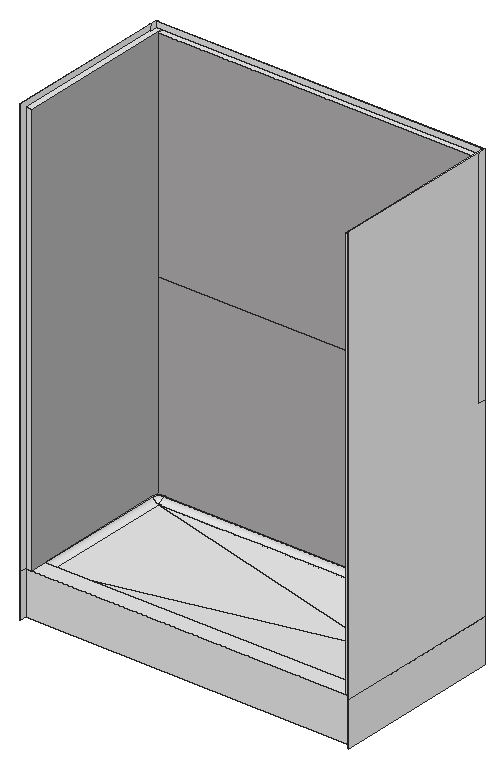
Revit family "5LBS6030FBAFR", category Plumbing Fixtures, Revit 2017
Family settings
  Round Connector Dimension = Use Diameter
  Part Type = Normal
  OmniClass Number = 23.45.05.14.17
  OmniClass Title = Showers
  Work Plane-Based = No
  Always vertical = Yes
  Cut with Voids When Loaded = No
  Shared = No
  Room Calculation Point = No
Parameters (values of type "5LBS6030FBAFR")
  Unit Width = 60"
  Unit Height = 84 1/2"
  URL = "http://www.bestbath.com/"
  Type Comments = "Remodeler"
  Model = "5LBS6030FBAFR"
  Material [instance] = Best Bath Gelcoat Fiberglass - 4 x 8 Subway Tile
  Manufacturer = "Best Bath Systems, Inc."
  Keynote = "22 40 00.B3"
  Description = "4 x 8 Subway Tile Finish"
  Assembly Code = "D2010710"
Reference planes (in)
  plane 1 "Back": y = -0.5
  plane 2: z = 0
  plane 3 "Left": x = 0
  plane 4: x = 60
  plane 5: y = -30.5
  plane 6: z = 83.5
  plane 7: z = 6.25
  plane 8: z = 84.5
  plane 9: x = 51.5
  plane 10: y = -1.75
  plane 11: y = -14.5
  plane 12: z = 6
  plane 13: z = 8
  plane 14: z = 43.5
  plane 15: y = -31.5
  plane 16: z = 7
Forms (in)
  Extrusion 1, solid, material "Best Bath Gelcoat Fiberglass - Smooth"
    sketch origin (0, 0, 0) x (1, 0, 0) y (0, 1, 0)
      loop
        line (0, -0.5) -> (0, -30.5) -> (60, -30.5) -> (60, -0.5) -> (0, -0.5)
      loop
        circle (51.5, -14.5) r 1.5
    from 7 to 0
  Extrusion 2, solid, material "Best Bath Gelcoat Fiberglass - Smooth"
    sketch origin (0, 0, 0) x (1, 0, 0) y (0, 1, 0)
      loop
        line (1.25, -0.5) -> (1.25, -1.75) -> (58.75, -1.75) -> (58.75, -0.5) -> (1.25, -0.5)
    from 8 to 43.5
  Extrusion 3, solid, material "Best Bath Gelcoat Fiberglass - Smooth"
    sketch origin (0, 0, 0) x (1, 0, 0) y (0, 1, 0)
      loop
        line (0, -30.5) -> (1.25, -30.5) -> (1.25, -2.75)
        arc (1.25, -2.75) -> (1.54289, -2.04289) -> (2.25, -1.75) r 1
        line (2.25, -1.75) -> (57.75, -1.75)
        arc (57.75, -1.75) -> (58.45711, -2.04289) -> (58.75, -2.75) r 1
        line (58.75, -2.75) -> (58.75, -30.5) -> (60, -30.5) -> (60, -0.5) -> (0, -0.5) -> (0, -30.5)
    from 0 to 8
  Extrusion 4, solid, material "Best Bath Gelcoat Fiberglass - Smooth"
    sketch origin (0, 0, 0) x (1, 0, 0) y (0, 1, 0)
      loop
        line (0, -30.5) -> (1.25, -30.5) -> (1.25, -0.5) -> (0, -0.5) -> (0, -30.5)
      loop
        line (58.75, -30.5) -> (60, -30.5) -> (60, -0.5) -> (58.75, -0.5) -> (58.75, -30.5)
    from 8 to 83.5
  Blend 5, void
    base sketch origin (0, 0, 0) x (1, 0, 0) y (0, 1, 0)
      loop
        line (2.25, -27.5) -> (57.75, -27.5) -> (57.75, -2.75) -> (2.25, -2.75) -> (2.25, -27.5)
    top sketch origin (0, 0, 0) x (1, 0, 0) y (0, 1, 0)
      loop
        circle (51.5, -14.5) r 0.07155
    from 7 to 6
  Extrusion 6, solid, material "Best Bath Gelcoat Fiberglass - Smooth"
    sketch origin (0, 0, 0) x (1, 0, 0) y (0, 1, 0)
      loop
        line (1.25, -0.5) -> (1.25, -1.75) -> (58.75, -1.75) -> (58.75, -0.5) -> (1.25, -0.5)
    from 43.5 to 83.5
  Sweep 7, solid, material "Best Bath Gelcoat Fiberglass - Smooth"
    path origin (0, 0, 0) x (1, 0, 0) y (0, 1, 0)
      loop
        line (1.25, -30.5) -> (58.75, -30.5)
    profile origin (30, -30.5, 0) x (0, 1, 0) y (0, 0, 1)
      loop
        line (0, 0) -> (4.60734, 0) -> (3.00734, 8) -> (0, 8) -> (0, 0)
  Extrusion 8, solid, material "Best Bath Gelcoat Fiberglass - Smooth"
    sketch origin (0, 0, 0) x (1, 0, 0) y (0, 1, 0)
      loop
        line (0, -30.5) -> (0, -31.5) -> (0.125, -31.5) -> (0.125, -30.5) -> (0, -30.5)
      loop
        line (60, -30.5) -> (59.875, -30.5) -> (59.875, -31.5) -> (60, -31.5) -> (60, -30.5)
    from 0 to 8
  Extrusion 9, solid, material "Best Bath Gelcoat Fiberglass - Smooth"
    sketch origin (0, 0, 0) x (1, 0, 0) y (0, 1, 0)
      loop
        line (0, -0.5) -> (0, -1.75) -> (0.125, -1.75) -> (0.125, -0.625) -> (59.875, -0.625) -> (59.875, -1.75) -> (60, -1.75) -> (60, -0.5) -> (0, -0.5)
    from 43.5 to 84.5
  Extrusion 10, solid, material "Best Bath Gelcoat Fiberglass - Smooth"
    sketch origin (0, 0, 0) x (1, 0, 0) y (0, 1, 0)
      loop
        line (0, -31.5) -> (0.125, -31.5) -> (0.125, -1.75) -> (0, -1.75) -> (0, -31.5)
      loop
        line (60, -31.5) -> (60, -1.75) -> (59.875, -1.75) -> (59.875, -31.5) -> (60, -31.5)
    from 8 to 84.5
  Sweep 11, solid, material "Best Bath Gelcoat Fiberglass - Smooth"
    path origin (0, 0, 0) x (1, 0, 0) y (0, 1, 0)
      loop
        line (1.25, -28.95) -> (1.25, -2.75)
        arc (1.25, -2.75) -> (1.54289, -2.04289) -> (2.25, -1.75) r 1
        line (2.25, -1.75) -> (57.75, -1.75)
        arc (57.75, -1.75) -> (58.45711, -2.04289) -> (58.75, -2.75) r 1
        line (58.75, -2.75) -> (58.75, -28.95)
    profile origin (30, -1.75, 0) x (0, 1, 0) y (0, 0, 1)
      loop
        line (0, 7) -> (0, 7.98)
        arc (0, 7.98) -> (-0.28704, 7.28704) -> (-0.98, 7) r 0.98
        line (-0.98, 7) -> (0, 7)
Cuts and joins
  Blend 5 cuts Extrusion 1
  Blend 5 cuts Extrusion 3
  joined: Extrusion 1, Extrusion 3, Sweep 7, Extrusion 8, Sweep 11
  joined: Extrusion 6, Extrusion 9
  joined: Extrusion 4, Extrusion 10
Dimensions and locks (in)
  "Unit Width": plane 3 "Left" to plane 4
  locked: plane 8 to plane 6 at 1
  "Unit Height": plane 8 to level
  plane 3 "Left" to plane 9 to plane 4 = 51 1/2", 8 1/2"
  plane 1 "Back" to plane 11 = 14"
  plane 10 to plane 1 "Back" = 1 1/4"
  plane 14 to plane 13 = 35 1/2"
  plane 13 to level = 8"
  locked: plane 5 to plane 15 at 1
  locked: plane 15 to plane 1 "Back" at 31
  plane 13 to plane 16 = 1"
  plane 16 to plane 7 = 3/4"
  plane 16 to plane 12 = 1"
  aligned and locked: level to plane 2
  aligned and locked: plane 5 to Extrusion 1 sketch curve
  aligned and locked: plane 4 to Extrusion 1 sketch curve
  aligned and locked: Extrusion 2 sketch curve to Extrusion 1
  aligned and locked: Extrusion 2 sketch curve to plane 10
  aligned and locked: plane 11 to Extrusion 1 sketch curve
  aligned and locked: plane 9 to Extrusion 1 sketch curve
  aligned and locked: plane 6 to Extrusion 4
  aligned and locked: plane 11 to Blend 5 sketch curve
  aligned and locked: plane 9 to Blend 5 sketch curve
  aligned and locked: plane 14 to Extrusion 2
  aligned and locked: Extrusion 6 to Extrusion 2
  aligned and locked: plane 6 to Extrusion 6
  aligned and locked: plane 8 to Extrusion 9
  aligned and locked: plane 8 to Extrusion 10
  aligned and locked: Extrusion 1 to level
  aligned and locked: plane 16 to Extrusion 1
  aligned and locked: Extrusion 1 to Blend 5
  aligned and locked: Sweep 11 sketch curve to plane 10
  aligned and locked: plane 16 to Sweep 11 sketch curve
  aligned and locked: Extrusion 9 to Extrusion 2
  aligned and locked: Extrusion 2 to plane 13
  aligned and locked: Extrusion 4 to Extrusion 2
  aligned and locked: Blend 5 to plane 12
Automatic sketch dimensions
  Extrusion 1 sketch curve to plane 3 "Left" = 0"
  plane 1 "Back" to Extrusion 1 sketch curve = 0"
  Extrusion 3 sketch curve to plane 3 "Left" = 0"
  Extrusion 3 sketch curve to plane 5 = 0"  (x2)
  Extrusion 3 sketch curve to plane 10 = 0"
  plane 1 "Back" to Extrusion 3 sketch curve = 0"
  Extrusion 3 sketch curve to plane 4 = 0"
  plane 3 "Left" to Extrusion 3 sketch curve = 1 1/4"
  Extrusion 3 sketch curve to plane 10 = 1"
  plane 4 to Extrusion 3 sketch curve = 2 1/4"
  plane 4 to Extrusion 3 sketch curve = 1 1/4"
  Extrusion 4 sketch curve to plane 3 "Left" = 0"
  Extrusion 4 sketch curve to plane 5 = 0"  (x2)
  plane 1 "Back" to Extrusion 4 sketch curve = 0"  (x2)
  Extrusion 4 sketch curve to plane 4 = 0"
  plane 3 "Left" to Extrusion 4 sketch curve = 1 1/4"
  plane 3 "Left" to Blend 5 sketch curve = 2 1/4"
  plane 4 to Blend 5 sketch curve = 2 1/4"
  plane 5 to Blend 5 sketch curve = 3"
  Blend 5 sketch curve to plane 10 = 1"
  plane 1 "Back" to Extrusion 6 sketch curve = 0"
  Extrusion 6 sketch curve to plane 10 = 0"
  plane 3 "Left" to Extrusion 6 sketch curve = 1 1/4"
  plane 4 to Extrusion 6 sketch curve = 1 1/4"
  Sweep 7 sketch curve to plane 5 = 0"
  plane 3 "Left" to Sweep 7 sketch curve = 1 1/4"
  plane 4 to Sweep 7 sketch curve = 1 1/4"
  Extrusion 8 sketch curve to plane 3 "Left" = 0"
  Extrusion 8 sketch curve to plane 15 = 0"  (x2)
  Extrusion 8 sketch curve to plane 5 = 0"  (x2)
  Extrusion 8 sketch curve to plane 4 = 0"
  plane 3 "Left" to Extrusion 8 sketch curve = 1/8"
  Extrusion 8 sketch curve to Extrusion 8 sketch curve = 1/8"
  Extrusion 4 sketch curve to Extrusion 4 sketch curve = 1 1/4"
  plane 3 "Left" to Extrusion 2 sketch curve = 1 1/4"
  plane 4 to Extrusion 2 sketch curve = 1 1/4"
  Sweep 11 sketch curve to plane 10 = 0"
  Sweep 11 sketch curve to plane 10 = 1"  (x2)
  plane 4 to Sweep 11 sketch curve = 2 1/4"
  plane 5 to Sweep 11 sketch curve = 1.55"  (x2)
  plane 3 "Left" to Sweep 11 sketch curve = 2 1/4"
  Sweep 11 sketch curve to Sweep 11 sketch curve = 0.98"
  Extrusion 10 sketch curve to plane 3 "Left" = 0"
  Extrusion 10 sketch curve to plane 15 = 0"  (x2)
  Extrusion 10 sketch curve to plane 10 = 0"  (x2)
  Extrusion 10 sketch curve to plane 4 = 0"
  plane 3 "Left" to Extrusion 10 sketch curve = 1/8"
  Extrusion 10 sketch curve to Extrusion 10 sketch curve = 1/8"
  plane 1 "Back" to Extrusion 9 sketch curve = 0"
  Extrusion 9 sketch curve to plane 3 "Left" = 0"
  Extrusion 9 sketch curve to plane 10 = 0"  (x2)
  Extrusion 9 sketch curve to plane 4 = 0"
  Extrusion 9 sketch curve to Extrusion 9 sketch curve = 1/8"  (x2)
  plane 4 to Extrusion 9 sketch curve = 1/8"
  Sweep 7 sketch curve to profile plane = 0"  (x2)
  profile plane to Sweep 7 sketch curve = 8"
  Sweep 7 sketch curve to profile plane = 3.00734"
  Sweep 7 sketch curve to profile plane = 4.60734"
  radius of Extrusion 1 sketch curve = 1 1/2"
  radius of Blend 5 sketch curve = 0.07155"
